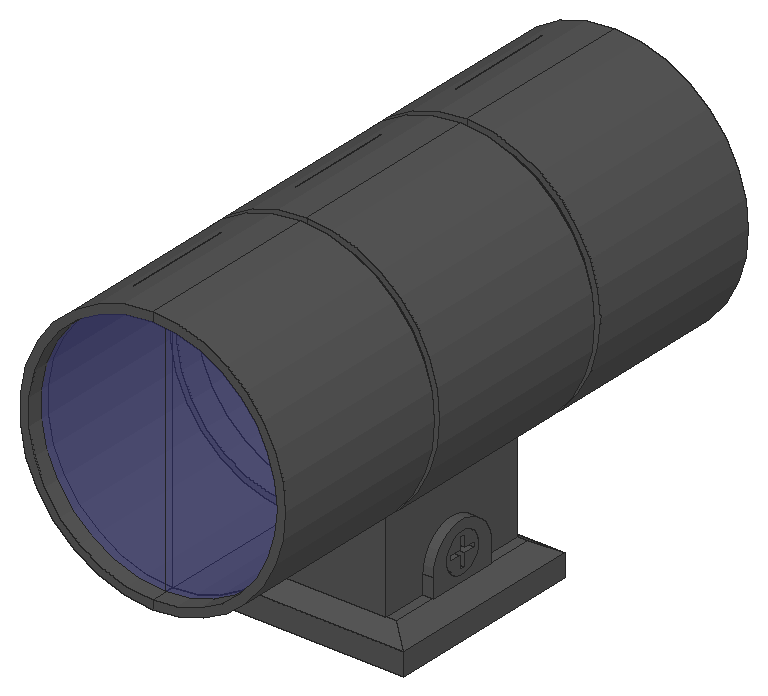
Revit family "CARLO CYLINDER LIGHT WALL MOUNT", category Lighting Fixtures, host Face, Revit 2020
Family settings
  Host = Face
  Round Connector Dimension = Use Diameter
  Part Type = Normal
  Cut with Voids When Loaded = No
  Light Source = Yes
  Shared = No
  Room Calculation Point = No
Parameters (values of type "CCL6-13-35SPSW8-PC-25-WM-BK")
  Wattage_Input = 35 W
  Wattage Comments = "22W/29W/35W"
  Wattage = 19.5231 W
  Voltage_Input = 0 V
  built-in parameter 1150110 = 1 (stored number, unit not read)
  Voltage = if(Voltage_Input < 120 V, 120 V, if(Voltage_Input > 277 V, 277 V, Voltage_Input))  # 120 V
  URL = "https://www.abovealllighting.com/search/index.html?keys=CARLO%20CYLINDER%20LIGHT"
  Type Comments = "CARLO CYLINDER LIGHT  Wall Mount"  # constant formula
  built-in parameter 1114217 = 1 (stored number, unit not read)
  Tilt Angle = 180.00°
  built-in parameter 1150109 = 1 (stored number, unit not read)
  built-in parameter 1150134 = (empty or 0)
  built-in parameter 1150113 = 1 (stored number, unit not read)
  Power Factor = 0.9
  Photometric Web File = "CCL6 35W 3000K 25° (up and down light).IES"
  built-in parameter 1150142 = "IESNA:LM-63-2002\r\n[TEST] CCL6 35W 3000K 25¡ã (up and down light)\r\n[TESTLAB] EVERFINE\r\n[TESTDATE] 2024-07-06\r\n[ISSUEDATE] 2024-07-06 04:46:50\r\n[NEARFIELD] \r\n[LAMPPOSITION] 0,0\r\n[OTHER] EVERFINE GO-2000_V1 SYSTEM\r\n[MANUFAC] Aboveall lighting\r\nTILT=NONE\r\n1 2994.4 1 361 73 1 2 0.000 0.000 0.000\r\n1.000 1 36.1824\r\n0.0    0.5    1.0    1.5    2.0    2.5    3.0    3.5    4.0    4.5    \r\n 5.0    5.5    6.0    6.5    7.0    7.5    8.0    8.5    9.0    9.5    \r\n 10.0   10.5   11.0   11.5   12.0   12.5   13.0   13.5   14.0   14.5   \r\n 15.0   15.5   16.0   16.5   17.0   17.5   18.0   18.5   19.0   19.5   \r\n 20.0   20.5   21.0   21.5   22.0   22.5   23.0   23.5   24.0   24.5   \r\n 25.0   25.5   26.0   26.5   27.0   27.5   28.0   28.5   29.0   29.5   \r\n 30.0   30.5   31.0   31.5   32.0   32.5   33.0   33.5   34.0   34.5   \r\n 35.0   35.5   36.0   36.5   37.0   37.5   38.0   38.5   39.0   39.5   \r\n 40.0   40.5   41.0   41.5   42.0   42.5   43.0   43.5   44.0   44.5   \r\n 45.0   45.5   46.0   46.5   47.0   47.5   48.0   48.5   49.0   49.5   \r\n 50.0   50.5   51.0   51.5   52.0   52.5   53.0   53.5   54.0   54.5   \r\n 55.0   55.5   56.0   56.5   57.0   57.5   58.0   58.5   59.0   59.5   \r\n 60.0   60.5   61.0   61.5   62.0   62.5   63.0   63.5   64.0   64.5   \r\n 65.0   65.5   66.0   66.5   67.0   67.5   68.0   68.5   69.0   69.5   \r\n 70.0   70.5   71.0   71.5   72.0   72.5   73.0   73.5   74.0   74.5   \r\n 75.0   75.5   76.0   76.5   77.0   77.5   78.0   78.5   79.0   79.5   \r\n 80.0   80.5   81.0   81.5   82.0   82.5   83.0   83.5   84.0   84.5   \r\n 85.0   85.5   86.0   86.5   87.0   87.5   88.0   88.5   89.0   89.5   \r\n 90.0   90.5   91.0   91.5   92.0   92.5   93.0   93.5   94.0   94.5   \r\n 95.0   95.5   96.0   96.5   97.0   97.5   98.0   98.5   99.0   99.5   \r\n 100.0  100.5  101.0  101.5  102.0  102.5  103.0  103.5  104.0  104.5  \r\n 105.0  105.5  106.0  106.5  107.0  107.5  108.0  108.5  109.0  109.5  \r\n 110.0  110.5  111.0  111.5  112.0  112.5  113.0  113.5  114.0  114.5  \r\n 115.0  115.5  116.0  116.5  117.0  117.5  118.0  118.5  119.0  119.5  \r\n 120.0  120.5  121.0  121.5  122.0  122.5  123.0  123.5  124.0  124.5  \r\n 125.0  125.5  126.0  126.5  127.0  127.5  128.0  128.5  129.0  129.5  \r\n 130.0  130.5  131.0  131.5  132.0  132.5  133.0  133.5  134.0  134.5  \r\n 135.0  135.5  136.0  136.5  137.0  137.5  138.0  138.5  139.0  139.5  \r\n 140.0  140.5  141.0  141.5  142.0  142.5  143.0  143.5  144.0  144.5  \r\n 145.0  145.5  146.0  146.5  147.0  147.5  148.0  148.5  149.0  149.5  \r\n 150.0  150.5  151.0  151.5  152.0  152.5  153.0  153.5  154.0  154.5  \r\n 155.0  155.5  156.0  156.5  157.0  157.5  158.0  158.5  159.0  159.5  \r\n 160.0  160.5  161.0  161.5  162.0  162.5  163.0  163.5  164.0  164.5  \r\n 165.0  165.5  166.0  166.5  167.0  167.5  168.0  168.5  169.0  169.5  \r\n 170.0  170.5  171.0  171.5  172.0  172.5  173.0  173.5  174.0  174.5  \r\n 175.0  175.5  176.0  176.5  177.0  177.5  178.0  178.5  179.0  179.5  \r\n 180.0  \r\n0.0    5.0    10.0   15.0   20.0   25.0   30.0   35.0   40.0   45.0   \r\n 50.0   55.0   60.0   65.0   70.0   75.0   80.0   85.0   90.0   95.0   \r\n 100.0  105.0  110.0  115.0  120.0  125.0  130.0  135.0  140.0  145.0  \r\n 150.0  155.0  160.0  165.0  170.0  175.0  180.0  185.0  190.0  195.0  \r\n 200.0  205.0  210.0  215.0  220.0  225.0  230.0  235.0  240.0  245.0  \r\n 250.0  255.0  260.0  265.0  270.0  275.0  280.0  285.0  290.0  295.0  \r\n 300.0  305.0  310.0  315.0  320.0  325.0  330.0  335.0  340.0  345.0  \r\n 350.0  355.0  360.0  \r\n5444.5 5412.5 5376 5333.8 5279.8 5207.8 5119.3 5013.7 4892 4754.1 \r\n 4603.2 4444.3 4272 4080 3876.5 3667.5 3454.2 3239.4 3024.5 2811.1 \r\n 2600.9 2395.2 2196.3 2005.9 1828.2 1668.6 1524.8 1394.9 1283.6 1201.1 \r\n 1129.6 1053 976.47 895.65 823.26 774.73 737.57 703.84 675.37 651.67 \r\n 631.79 614.65 600.09 587.68 577.11 567.92 560.21 554.15 549.01 543.94 \r\n 539.45 535.94 532.85 529.73 526.65 523.54 520.42 517.3 514.16 511 \r\n 507.78 504.53 501.17 497.53 493.95 490.84 487.87 484.85 481.77 478.63 \r\n 475.19 471.06 466.8 463.38 459.33 454.42 445.85 429.76 409.14 385.73 \r\n 359.43 330.27 299.64 269.14 238.06 205.53 173.53 143.08 116.15 96.656 \r\n 79.821 60.1 43.747 37.177 34.369 31.011 28.401 26.465 25.005 23.885 \r\n 22.851 21.493 20.133 19.011 17.958 16.867 15.79 14.747 13.729 12.733 \r\n 11.765 10.822 9.9238 9.096 8.3183 7.5691 6.8779 6.2726 5.7367 5.2639 \r\n 4.8525 4.5074 4.2027 3.9062 3.6406 3.4247 3.2379 3.0643 2.9084 2.7713 \r\n 2.6472 2.5305 2.4223 2.3217 2.2296 2.1493 2.0729 1.9916 1.9127 1.8424 \r\n 1.7762 1.711 1.6479 1.5866 1.5279 1.4723 1.4196 1.3721 1.3232 1.2623 \r\n 1.2033 1.1615 1.1227 1.0749 1.0267 0.98431 0.94241 0.89538 0.85034 0.8156 \r\n 0.78195 0.74243 0.7059 0.68391 0.66148 0.62196 0.58192 0.56041 0.53343 0.47381 \r\n 0.41016 0.37009 0.32947 0.26416 0.20182 0.16937 0.14487 0.1143 0.080845 0.036916 \r\n 0.0008805 0 0 0.040327 0.087212 0.11614 0.13969 0.1618 0.18385 0.20954 \r\n 0.23572 0.25903 0.28386 0.31556 0.34777 0.37439 0.40001 0.4273 0.45607 0.48782 \r\n 0.52009 0.55041 0.58024 0.61005 0.64035 0.67214 0.70443 0.73846 0.77647 0.82368 \r\n 0.8724 0.91367 0.95644 1.0086 1.0643 1.1199 1.1765 1.2336 1.2926 1.3549 \r\n 1.4207 1.4908 1.5648 1.6419 1.7249 1.8167 1.9169 2.0254 2.1449 2.2777 \r\n 2.4249 2.5877 2.7688 2.9693 3.1956 3.4563 3.747 4.053 4.4148 4.8876 \r\n 5.4126 5.9312 6.4975 7.165 7.8766 8.5762 9.3145 10.142 11.003 11.84 \r\n 12.706 13.633 14.627 15.714 16.864 17.978 19.287 20.998 23.089 25.755 \r\n 28.546 30.98 33.339 35.635 38.191 41.414 45.06 47.867 53.295 64.817 \r\n 81.119 102.51 127.59 155.38 185.04 215.51 246.49 277.33 307.98 338.51 \r\n 367.83 395.25 419.69 440.13 455.69 464.01 468.53 471.73 474.16 477.53 \r\n 480.87 483.6 486.21 489.01 491.86 494.74 497.64 500.6 503.58 506.55 \r\n 509.59 512.82 516.18 519.57 523.23 527.4 531.99 536.87 542.43 548.99 \r\n 556.71 565.77 576.41 588.7 603.26 620.62 641.11 664.82 692.95 726.41 \r\n 766.14 813.11 868.11 931.84 1005.6 1090.5 1187.6 1298.3 1423 1563.3 \r\n 1717.1 1882.3 2059.7 2252.9 2452.4 2649 2845.6 3041.8 3238.8 3439.7 \r\n 3638.6 3832 4016.4 4185.4 4343.9 4494.8 4638 4776 4903.8 5016.9 \r\n 5115.3 5196.4 5263.9 5321 5367.7 5405.5 5433.5 5451.5 5459.1 5455.6 \r\n 5509.6 \r\n5444.5 5407.5 5367.8 5322.2 5264.3 5187.7 5094.7 4985.4 4860.6 4720.5 \r\n 4567.2 4404 4227.7 4033.6 3828.9 3618.5 3404.6 3191.4 2978.5 2766.3 \r\n 2556.4 2349.3 2149.5 1960.6 1785.6 1629.8 1489.7 1362.2 1252.3 1169 \r\n 1097.2 1023.6 951.47 875.9 808.33 762.25 726.7 694.71 667.73 645.15 \r\n 626.14 609.69 595.73 583.97 574.02 565.39 558.12 552.26 547.27 542.5 \r\n 538.26 534.78 531.65 528.49 525.4 522.36 519.34 516.28 513.16 509.95 \r\n 506.66 503.31 499.9 496.38 492.95 489.85 486.88 483.94 480.91 477.64 \r\n 474.05 469.82 465.46 462.08 457.58 450.82 439.99 421.94 399.51 374.48 \r\n 346.93 317.15 286.21 255.5 224.34 191.72 159.95 130.45 104.74 86.102 \r\n 70.645 54.13 40.884 35.389 32.933 29.897 27.482 25.787 24.508 23.425 \r\n 22.383 21.064 19.743 18.645 17.608 16.525 15.454 14.416 13.407 12.426 \r\n 11.475 10.547 9.6629 8.8496 8.0877 7.3578 6.6868 6.1013 5.583 5.1208 \r\n 4.7192 4.3891 4.1001 3.8188 3.5658 3.356 3.173 3.0039 2.8523 2.7192 \r\n 2.5991 2.4864 2.3815 2.2818 2.1902 2.1118 2.0376 1.9571 1.8791 1.8106 \r\n 1.746 1.682 1.6197 1.5585 1.4996 1.4438 1.3907 1.3422 1.2928 1.2338 \r\n 1.1764 1.1329 1.0917 1.0429 0.99421 0.95196 0.91077 0.86524 0.82178 0.78785 \r\n 0.75487 0.71568 0.67896 0.65564 0.63172 0.59161 0.55093 0.52756 0.49913 0.44017 \r\n 0.37785 0.33852 0.29916 0.23662 0.17762 0.14886 0.12722 0.095669 0.062592 0.027257 \r\n 0 0 0 0.030849 0.069906 0.10431 0.13557 0.15905 0.18022 0.20352 \r\n 0.22734 0.2507 0.27603 0.30723 0.33889 0.36561 0.39136 0.41824 0.44646 0.47773 \r\n 0.50956 0.54065 0.5718 0.60341 0.63543 0.6676 0.70098 0.73572 0.77422 0.82133 \r\n 0.8699 0.91161 0.95477 1.0067 1.062 1.1177 1.1741 1.2299 1.2875 1.3495 \r\n 1.4147 1.4829 1.5544 1.6283 1.7079 1.7964 1.8934 1.999 2.1148 2.2418 \r\n 2.3818 2.536 2.7071 2.8955 3.1087 3.3557 3.6327 3.9275 4.2741 4.7182 \r\n 5.2132 5.7135 6.2615 6.8989 7.5823 8.2707 8.9989 9.8013 10.639 11.472 \r\n 12.336 13.247 14.215 15.26 16.369 17.481 18.759 20.332 22.238 24.665 \r\n 27.291 29.837 32.362 34.714 37.252 40.428 43.812 46.036 50.362 59.684 \r\n 73.73 94.078 118.08 143.33 170.65 200.57 231.53 261.98 292.43 323.3 \r\n 353.31 381.57 407.31 429.88 448 459.31 466.4 470.54 473.24 476.73 \r\n 480.08 482.95 485.67 488.5 491.35 494.25 497.14 499.95 502.78 505.68 \r\n 508.68 511.89 515.22 518.55 522.11 526.13 530.57 535.33 540.72 546.89 \r\n 554.09 562.55 572.47 583.91 597.47 613.64 632.75 654.94 681.31 712.83 \r\n 750.01 793.14 843.88 903.24 973.47 1058.2 1154.2 1257.5 1373.4 1506.7 \r\n 1654.2 1813.9 1986.5 2174.9 2370.4 2564.8 2760.3 2955.9 3152.9 3353.7 \r\n 3553.3 3748.3 3935.6 4109.8 4273.9 4428.8 4575.4 4716.5 4847.6 4965.6 \r\n 5069.8 5157.8 5232.2 5294.7 5345.9 5387 5418.2 5440.5 5452.7 5453.9 \r\n 5509.6 \r\n5444.5 5403.1 5360.4 5311.7 5250.4 5169.5 5072.5 4960.2 4833 4691.5 \r\n 4536.4 4369.1 4188.8 3993.3 3788.1 3576.8 3362.8 3151.4 2940.8 2730 \r\n 2520.7 2312.2 2111.1 1923.1 1750.2 1597.8 1461.2 1335.8 1226.5 1140.5 \r\n 1066.5 994.92 926.91 857.36 795.5 751.77 717.46 687.06 661.41 639.75 \r\n 621.42 605.53 592.07 580.88 571.5 563.39 556.53 550.8 545.88 541.37 \r\n 537.35 533.82 530.56 527.31 524.16 521.19 518.24 515.2 512.07 508.8 \r\n 505.44 501.99 498.55 495.18 491.92 488.87 485.92 483.08 480.12 476.76 \r\n 473.04 468.82 464.41 460.97 455.83 446.91 433.61 413.88 390.03 363.58 \r\n 334.92 304.7 273.62 242.76 211.57 179.08 147.73 119.31 94.834 76.823 \r\n 62.507 49.287 39.186 34.358 31.81 28.972 26.724 25.21 24.063 22.979 \r\n 21.911 20.644 19.381 18.301 17.271 16.197 15.134 14.104 13.104 12.141 \r\n 11.209 10.296 9.4256 8.6231 7.8735 7.1637 6.5139 5.9461 5.4424 4.9896 \r\n 4.5963 4.2774 4.0009 3.7345 3.4943 3.2893 3.1084 2.9425 2.794 2.664 \r\n 2.5469 2.4376 2.3353 2.2361 2.1448 2.0679 1.9953 1.9161 1.8393 1.7726 \r\n 1.71 1.6471 1.5855 1.5244 1.4652 1.4091 1.3554 1.3053 1.255 1.1988 \r\n 1.144 1.0986 1.0548 1.0053 0.95677 0.9147 0.8743 0.83091 0.7896 0.7563 \r\n 0.72384 0.68532 0.64857 0.62305 0.59697 0.55736 0.51716 0.49123 0.46093 0.40493 \r\n 0.34618 0.30693 0.26787 0.2094 0.15479 0.12804 0.10741 0.075102 0.043307 0.017647 \r\n 0 0 0 0.021959 0.053834 0.094001 0.13317 0.15843 0.17905 0.19993 \r\n 0.22129 0.2449 0.27091 0.3014 0.33233 0.35935 0.38546 0.41194 0.43955 0.47041 \r\n 0.50185 0.53372 0.56626 0.59983 0.63387 0.66745 0.702 0.73805 0.77746 0.82426 \r\n 0.87245 0.91506 0.95909 1.0106 1.0654 1.1213 1.1777 1.232 1.2881 1.3497 \r\n 1.4145 1.4806 1.5493 1.6203 1.6967 1.7817 1.8751 1.978 2.0902 2.2107 \r\n 2.3427 2.4881 2.6491 2.8259 3.0265 3.2596 3.523 3.8093 4.143 4.5562 \r\n 5.0183 5.4994 6.0283 6.633 7.2862 7.965 8.6849 9.4597 10.272 11.104 \r\n 11.967 12.863 13.806 14.807 15.871 16.979 18.225 19.672 21.393 23.528 \r\n 25.938 28.59 31.303 33.759 36.324 39.39 42.561 44.716 48.424 55.501 \r\n 67.088 86.282 109.04 131.47 156.2 185.55 216.52 246.52 276.68 307.77 \r\n 338.31 367.22 394.05 418.53 439.11 453.68 463.69 469.06 472.23 475.9 \r\n 479.23 482.27 485.15 488.02 490.88 493.8 496.68 499.34 501.99 504.83 \r\n 507.81 510.99 514.28 517.54 521.02 524.89 529.15 533.81 539.01 544.78 \r\n 551.45 559.29 568.45 579.03 591.56 606.49 624.17 644.77 669.32 698.77 \r\n 733.46 773.44 820.58 875.64 942.01 1025.8 1119.6 1215 1321.6 1447.6 \r\n 1588.4 1742.3 1909.4 2092 2282.8 2475 2669.6 2865.1 3062.3 3262.9 \r\n 3462.8 3659.3 3849.6 4029.5 4199.8 4359.3 4509.9 4654.1 4788.6 4911.2 \r\n 5021 5116.3 5198.2 5266.8 5323.2 5367.9 5402.5 5429.2 5446.1 5452.3 \r\n 5509.6 \r\n5444.5 5398.8 5353.5 5301.8 5237.2 5152.5 5051.9 4937 4808 4665.5 \r\n 4509 4337.9 4153.8 3957.3 3751.9 3540.1 3326.3 3116.7 2908.2 2699 \r\n 2490.6 2280.9 2078.6 1891.3 1720.1 1570.8 1437.3 1314.1 1205.3 1115.8 \r\n 1038.4 967.9 903.36 840.1 784.36 742.83 709.49 680.51 656.06 635.16 \r\n 617.38 601.96 588.93 578.25 569.36 561.74 555.24 549.59 544.69 540.41 \r\n 536.57 532.96 529.53 526.15 522.93 519.99 517.11 514.06 510.9 507.57 \r\n 504.15 500.63 497.18 493.98 490.91 487.93 485.02 482.29 479.39 475.96 \r\n 472.15 468 463.53 459.83 453.81 442.52 426.66 405.45 380.47 352.8 \r\n 323.2 292.69 261.57 230.61 199.5 167.38 136.72 109.46 86.214 68.761 \r\n 55.479 45.455 38.347 33.878 30.946 28.215 26.105 24.72 23.662 22.55 \r\n 21.444 20.236 19.042 17.975 16.944 15.88 14.827 13.807 12.819 11.873 \r\n 10.959 10.062 9.2061 8.4121 7.6725 6.983 6.3549 5.8033 5.3127 4.8688 \r\n 4.483 4.1723 3.9054 3.6531 3.4254 3.2245 3.045 2.8815 2.7353 2.6077 \r\n 2.4931 2.3865 2.2864 2.1878 2.0966 2.0208 1.9496 1.8717 1.7964 1.7318 \r\n 1.6709 1.6093 1.5483 1.4873 1.4279 1.3714 1.3171 1.2649 1.2135 1.1606 \r\n 1.1088 1.0615 1.015 0.96536 0.9173 0.87549 0.83584 0.79477 0.75548 0.72269 \r\n 0.69061 0.65299 0.61639 0.58821 0.55965 0.52129 0.48237 0.4535 0.42116 0.36971 \r\n 0.31605 0.27649 0.23718 0.18361 0.13396 0.10768 0.086532 0.054041 0.024425 0.008331 \r\n 0 0 0 0.013912 0.039285 0.084595 0.13097 0.15825 0.17877 0.19741 \r\n 0.21642 0.2404 0.26713 0.29671 0.32671 0.35417 0.38083 0.40695 0.43398 0.46443 \r\n 0.49549 0.52804 0.56185 0.5973 0.63338 0.66861 0.70471 0.74255 0.78321 0.82956 \r\n 0.8772 0.92095 0.96611 1.0173 1.0714 1.1276 1.184 1.2369 1.2914 1.3527 \r\n 1.4169 1.481 1.5471 1.6156 1.6893 1.7706 1.8603 1.9606 2.0692 2.1831 \r\n 2.3069 2.4437 2.5951 2.7612 2.95 3.1696 3.42 3.6997 4.022 4.4039 \r\n 4.832 5.2936 5.8033 6.375 6.9979 7.6675 8.3794 9.1267 9.913 10.743 \r\n 11.607 12.491 13.41 14.367 15.387 16.488 17.702 19.038 20.582 22.404 \r\n 24.569 27.304 30.192 32.779 35.402 38.318 41.32 43.758 47.212 52.149 \r\n 61.252 79.127 100.46 120.04 142.18 170.93 201.88 231.41 261.23 292.42 \r\n 323.33 352.71 380.45 406.59 429.47 447.34 460.41 467.25 471.12 475.01 \r\n 478.35 481.57 484.63 487.56 490.45 493.41 496.28 498.78 501.28 504.07 \r\n 507.03 510.18 513.44 516.65 520.04 523.75 527.83 532.38 537.39 542.76 \r\n 548.89 556.1 564.52 574.25 585.77 599.45 615.7 634.72 657.45 684.78 \r\n 717.08 754.49 798.59 849.52 911.83 993.64 1084.4 1171.9 1269.4 1388.1 \r\n 1522.3 1670.1 1831.4 2007.7 2193.2 2383.1 2576.9 2772.6 2970.3 3170.5 \r\n 3370.4 3568.3 3761.6 3947.3 4123.9 4288.4 4443.2 4590.8 4728.8 4855.6 \r\n 4970.8 5073.6 5163.2 5238.2 5300 5348.8 5387 5418 5439.8 5450.9 \r\n 5509.6 \r\n5444.5 5394.3 5346.4 5291.8 5224 5135.9 5032.1 4915 4784.3 4640.9 \r\n 4483.3 4308.7 4121.2 3923.7 3718.2 3506.1 3292.6 3084.5 2877.8 2670.2 \r\n 2462.8 2252.6 2049.7 1862.9 1693.2 1546.7 1416.1 1295.6 1187.9 1094.8 \r\n 1013.8 943.36 881.36 824.14 774.46 734.95 702.41 674.71 651.31 631.06 \r\n 613.75 598.76 586.13 575.9 567.44 560.24 554.07 548.48 543.58 539.49 \r\n 535.8 532.09 528.5 524.99 521.67 518.76 515.92 512.85 509.65 506.28 \r\n 502.82 499.29 495.87 492.84 489.96 487.06 484.21 481.57 478.72 475.23 \r\n 471.35 467.28 462.7 458.44 451.23 437.46 419.06 396.53 370.64 341.94 \r\n 311.56 280.85 249.78 218.77 187.84 156.44 126.76 100.71 78.661 61.863 \r\n 49.631 42.518 38.062 33.743 30.285 27.603 25.604 24.304 23.3 22.143 \r\n 20.99 19.842 18.721 17.662 16.626 15.571 14.53 13.521 12.546 11.618 \r\n 10.722 9.8413 8.9986 8.2121 7.4816 6.8121 6.2055 5.6694 5.1912 4.7568 \r\n 4.3787 4.0739 3.8139 3.5743 3.3585 3.1616 2.9834 2.8221 2.678 2.5525 \r\n 2.4399 2.3357 2.2376 2.1396 2.0487 1.9738 1.9037 1.8273 1.7538 1.6911 \r\n 1.632 1.5714 1.511 1.4502 1.3907 1.3339 1.2789 1.2247 1.1722 1.1224 \r\n 1.0736 1.0244 0.97546 0.92598 0.87874 0.83742 0.79852 0.75915 0.72121 0.68877 \r\n 0.65689 0.62031 0.58404 0.55317 0.52217 0.48549 0.44828 0.41648 0.38219 0.33611 \r\n 0.28833 0.24842 0.20864 0.16033 0.11573 0.088555 0.065704 0.033878 0.0073829 0.000046 \r\n 0 0 0 0.0069669 0.026543 0.075492 0.12742 0.15681 0.17781 0.19461 \r\n 0.21158 0.23597 0.2633 0.29176 0.32067 0.34862 0.37596 0.40184 0.42837 0.4584 \r\n 0.48903 0.52203 0.5568 0.5938 0.63166 0.66853 0.70632 0.74628 0.78851 0.83434 \r\n 0.8813 0.92619 0.97254 1.0235 1.0771 1.1332 1.1895 1.2412 1.2945 1.3555 \r\n 1.4191 1.4813 1.5451 1.6118 1.6832 1.7611 1.8471 1.945 2.0503 2.1577 \r\n 2.2737 2.4028 2.5458 2.7022 2.8804 3.0874 3.3258 3.6 3.9118 4.2635 \r\n 4.6585 5.1009 5.5919 6.1326 6.7269 7.3862 8.0893 8.8114 9.5746 10.402 \r\n 11.266 12.138 13.036 13.953 14.934 
